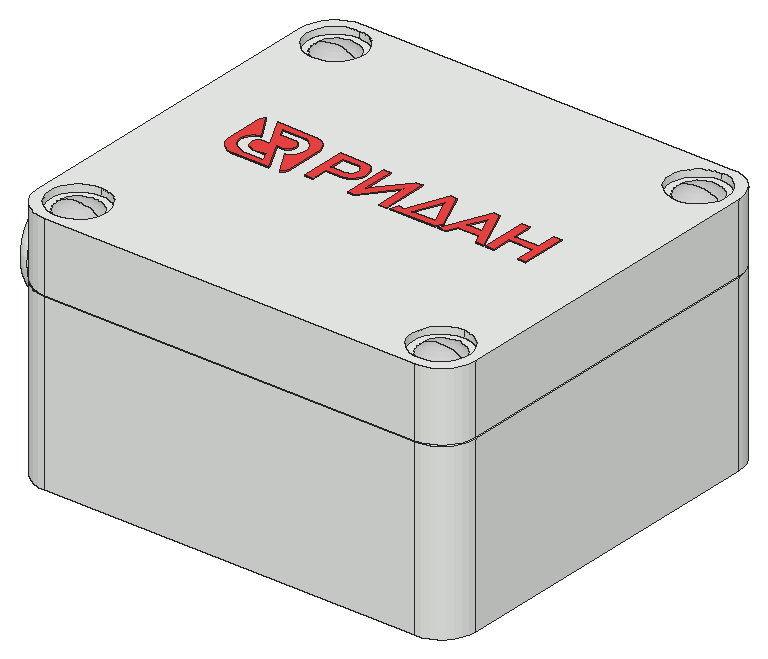
Revit family "РИДАН_Датчик температуры уличный MBT3380R", category Арматура трубопроводов, Revit 2019
Family settings
  Размер круглого соединителя = Использовать диаметр
  Тип детали = Нормальный
  На основе рабочей плоскости = Нет
  Всегда вертикально = Нет
  При загрузке вырезать с полостями = Нет
  Общий = Нет
Parameters (values of type "MBT3380R")
  Контакты_Производитель = "info@ridan.ru"  # constant formula
  ADSK_Наименование = "Датчик температуры наружного воздуха (уличный)"
  ADSK_Масса_Текст = ""
  ADSK_Масса = 0
  ADSK_Марка = "MBT3380R"
  ADSK_Количество = 1  # constant formula
  ADSK_Код изделия = "097U1115R"
  ADSK_Завод-изготовитель = "ООО «Ридан-Трейд»"  # constant formula
  ADSK_Единица измерения = "шт."
  ADSK_Версия семейства = "1.0"  # constant formula
  ADSK_Версия Revit = "2019"  # constant formula
Reference planes
  plane 1 "По центру (Вперед/Назад)": y = 0
  plane 2: z = 0
  plane 3 "По центру (Влево/Вправо)": x = 0
  plane 4: x = -31.906
  plane 5: z = 13
Forms (mm)
  Extrusion 1, solid, material "Белый", detail levels fine
    sketch origin (0, 0, 0) x (1, 0, 0) y (0, 1, 0)
      loop
        line (-31.906, 23.9) -> (-31.906, -24.1)
        arc (-31.906, -24.1) -> (-30.441, -27.635) -> (-26.906, -29.1) r 5
        line (-26.906, -29.1) -> (27.094, -29.1)
        arc (27.094, -29.1) -> (30.63, -27.635) -> (32.094, -24.1) r 5
        line (32.094, -24.1) -> (32.094, 23.9)
        arc (32.094, 23.9) -> (30.63, 27.436) -> (27.094, 28.9) r 5
        line (27.094, 28.9) -> (-26.906, 28.9)
        arc (-26.906, 28.9) -> (-30.441, 27.436) -> (-31.906, 23.9) r 5
    from 25.5 to 35.5
  Extrusion 2, solid, material "Белый", detail levels fine
    sketch origin (0, 0, -25.5) x (1, 0, 0) y (0, 1, 0)
      loop
        line (-31.906, 23.9) -> (-31.906, -24.1)
        arc (-31.906, -24.1) -> (-30.441, -27.635) -> (-26.906, -29.1) r 5
        line (-26.906, -29.1) -> (27.094, -29.1)
        arc (27.094, -29.1) -> (30.63, -27.635) -> (32.094, -24.1) r 5
        line (32.094, -24.1) -> (32.094, 23.9)
        arc (32.094, 23.9) -> (30.63, 27.436) -> (27.094, 28.9) r 5
        line (27.094, 28.9) -> (-26.906, 28.9)
        arc (-26.906, 28.9) -> (-30.441, 27.436) -> (-31.906, 23.9) r 5
    from 25.5 to 50.8
  Extrusion 3, solid, detail levels fine
    sketch origin (0, 0, 0) x (1, 0, 0) y (0, 1, 0)
      loop
        arc (-26.906, 27.9) -> (-29.734, 26.729) -> (-30.906, 23.9) r 4
        line (-30.906, 23.9) -> (-30.906, -24.1)
        arc (-30.906, -24.1) -> (-29.734, -26.928) -> (-26.906, -28.1) r 4
        line (-26.906, -28.1) -> (27.094, -28.1)
        arc (27.094, -28.1) -> (29.923, -26.928) -> (31.094, -24.1) r 4
        line (31.094, -24.1) -> (31.094, 23.9)
        arc (31.094, 23.9) -> (29.923, 26.729) -> (27.094, 27.9) r 4
        line (27.094, 27.9) -> (-26.906, 27.9)
    from 24.5 to 25.5
  Extrusion 4, void
    sketch origin (0, 0, 0) x (1, 0, 0) y (0, 1, 0)
      loop
        circle (-26.406, 23.4) r 4.15
      loop
        circle (26.594, 23.4) r 4.15
      loop
        circle (-26.406, -23.6) r 4.15
      loop
        circle (26.594, -23.6) r 4.15
    from 34.5 to 35.5
  Revolve 5, solid, material "Сталь нержавеющая", detail levels fine
    sketch origin (0.594, 23.4, 0) x (1, 0, 0) y (0, 0, 1)
      loop
        line (-27, 34.5) -> (-27, 35.504)
        arc (-27, 35.504) -> (-28.651, 35.271) -> (-30.129, 34.5) r 4.909
        line (-30.129, 34.5) -> (-27, 34.5)
      axis (-27, 34.5) -> (-27, 35.504)
    angle from 0 to 360
  Revolve 6, solid, material "Сталь нержавеющая", detail levels fine
    sketch origin (53.594, 23.4, 0) x (1, 0, 0) y (0, 0, 1)
      loop
        line (-27, 34.5) -> (-27, 35.504)
        arc (-27, 35.504) -> (-28.651, 35.271) -> (-30.129, 34.5) r 4.909
        line (-30.129, 34.5) -> (-27, 34.5)
      axis (-27, 34.5) -> (-27, 35.504)
    angle from 0 to 360
  Revolve 7, solid, material "Сталь нержавеющая", detail levels fine
    sketch origin (53.594, -23.6, 0) x (1, 0, 0) y (0, 0, 1)
      loop
        line (-27, 34.5) -> (-27, 35.504)
        arc (-27, 35.504) -> (-28.651, 35.271) -> (-30.129, 34.5) r 4.909
        line (-30.129, 34.5) -> (-27, 34.5)
      axis (-27, 34.5) -> (-27, 35.504)
    angle from 0 to 360
  Revolve 8, solid, material "Сталь нержавеющая", detail levels fine
    sketch origin (0.594, -23.6, 0) x (1, 0, 0) y (0, 0, 1)
      loop
        line (-27, 34.5) -> (-27, 35.504)
        arc (-27, 35.504) -> (-28.651, 35.271) -> (-30.129, 34.5) r 4.909
        line (-30.129, 34.5) -> (-27, 34.5)
      axis (-27, 34.5) -> (-27, 35.504)
    angle from 0 to 360
  Extrusion 9, solid, material "Белый", detail levels fine
    sketch origin (0, 0, 0) x (0, 1, 0) y (0, 0, 1)
      loop
        line (6.75, 18.052) -> (1, 21.372)
        arc (1, 21.372) -> (0, 21.64) -> (-1, 21.372) r 2
        line (-1, 21.372) -> (-6.75, 18.052)
        arc (-6.75, 18.052) -> (-7.482, 17.32) -> (-7.75, 16.32) r 2
        line (-7.75, 16.32) -> (-7.75, 9.68)
        arc (-7.75, 9.68) -> (-7.482, 8.68) -> (-6.75, 7.948) r 2
        line (-6.75, 7.948) -> (-1, 4.628)
        arc (-1, 4.628) -> (0, 4.36) -> (1, 4.628) r 2
        line (1, 4.628) -> (6.75, 7.948)
        arc (6.75, 7.948) -> (7.482, 8.68) -> (7.75, 9.68) r 2
        line (7.75, 9.68) -> (7.75, 16.32)
        arc (7.75, 16.32) -> (7.482, 17.32) -> (6.75, 18.052) r 2
    from -36 to -31.906
  Extrusion 10, solid, material "Белый", detail levels fine
    sketch origin (0, 0, 0) x (0, 1, 0) y (0, 0, 1)
      loop
        arc (4.965, 19.6) -> (4.233, 20.332) -> (3.233, 20.6) r 2
        line (3.233, 20.6) -> (-3.233, 20.6)
        arc (-3.233, 20.6) -> (-4.233, 20.332) -> (-4.965, 19.6) r 2
        line (-4.965, 19.6) -> (-8.198, 14)
        arc (-8.198, 14) -> (-8.466, 13) -> (-8.198, 12) r 2
        line (-8.198, 12) -> (-4.965, 6.4)
        arc (-4.965, 6.4) -> (-4.233, 5.668) -> (-3.233, 5.4) r 2
        line (-3.233, 5.4) -> (3.233, 5.4)
        arc (3.233, 5.4) -> (4.233, 5.668) -> (4.965, 6.4) r 2
        line (4.965, 6.4) -> (8.198, 12)
        arc (8.198, 12) -> (8.398, 12.482) -> (8.466, 13) r 2
        arc (8.466, 13) -> (8.398, 13.518) -> (8.198, 14) r 2
        line (8.198, 14) -> (4.965, 19.6)
    from -45 to -36
  Revolve 11, solid, material "Белый", detail levels fine
    sketch origin (0, 0, 0) x (1, 0, 0) y (0, 0, 1)
      loop
        line (-49, 18.3) -> (-49, 15.526) -> (-45, 15.526) -> (-45, 20.6)
        arc (-45, 20.6) -> (-45.356, 20.379) -> (-45.768, 20.3) r 1.15
        line (-45.768, 20.3) -> (-47, 20.3)
        arc (-47, 20.3) -> (-48.414, 19.714) -> (-49, 18.3) r 2
      axis (-49, 13) -> (-45, 13)
    angle from 0 to 360
  Extrusion 12, solid, material "Красный", detail levels fine
    sketch origin (-31.653, -62.919, 12.867) x (1, 0, 0) y (0, 1, 0)
      loop
        line (11.467, 67.919) -> (13.847, 63.509) -> (12.993, 63.509)
        arc (12.993, 63.509) -> (12.29, 63.217) -> (11.998, 62.514) r 0.994
        arc (11.998, 62.514) -> (12.368, 61.623) -> (13.259, 61.254) r 1.261
        line (13.259, 61.254) -> (15.108, 61.254) -> (15.716, 60.109) -> (13.141, 60.109)
        arc (13.141, 60.109) -> (12.136, 60.288) -> (11.254, 60.8) r 2.923
        arc (11.254, 60.8) -> (10.612, 61.661) -> (10.55, 62.733) r 1.865
        arc (10.55, 62.733) -> (11.1, 63.712) -> (12.083, 64.256) r 2.055
        line (12.083, 64.256) -> (9.807, 67.919)
        arc (9.807, 67.919) -> (9.511, 67.44) -> (9.407, 66.887) r 1.532
        line (9.407, 66.887) -> (9.407, 61.686)
        arc (9.407, 61.686) -> (10.161, 59.865) -> (11.982, 59.111) r 2.574
        line (11.982, 59.111) -> (17.282, 59.111) -> (14.909, 63.509) -> (15.825, 63.509)
        arc (15.825, 63.509) -> (16.318, 63.745) -> (16.673, 64.162) r 1.316
        arc (16.673, 64.162) -> (16.786, 64.631) -> (16.673, 65.1) r 1.03
        arc (16.673, 65.1) -> (16.337, 65.556) -> (15.815, 65.777) r 1.072
        line (15.815, 65.777) -> (13.655, 65.777) -> (13.068, 66.881) -> (16.003, 66.881)
        arc (16.003, 66.881) -> (17.08, 66.558) -> (17.888, 65.777) r 2.377
        arc (17.888, 65.777) -> (18.205, 64.888) -> (18.112, 63.948) r 2.156
        arc (18.112, 63.948) -> (17.593, 63.143) -> (16.748, 62.691) r 1.911
        line (16.748, 62.691) -> (18.833, 59.22)
        arc (18.833, 59.22) -> (19.247, 59.579) -> (19.401, 60.105) r 0.972
        line (19.401, 60.105) -> (19.401, 65.299)
        arc (19.401, 65.299) -> (18.634, 67.152) -> (16.781, 67.919) r 2.62
        line (16.781, 67.919) -> (11.467, 67.919)
      loop
        line (21.612, 66.83) -> (21.612, 60.201) -> (22.766, 60.201) -> (22.766, 62.558) -> (25.097, 62.558)
        arc (25.097, 62.558) -> (26.115, 62.864) -> (26.837, 63.645) r 2.023
        arc (26.837, 63.645) -> (27.072, 64.943) -> (26.529, 66.147) r 2.223
        arc (26.529, 66.147) -> (25.877, 66.636) -> (25.085, 66.83) r 2.034
        line (25.085, 66.83) -> (21.612, 66.83)
      loop
        line (22.766, 65.785) -> (22.766, 63.5) -> (24.802, 63.5)
        arc (24.802, 63.5) -> (25.545, 63.87) -> (25.88, 64.629) r 1.223
        arc (25.88, 64.629) -> (25.592, 65.442) -> (24.802, 65.785) r 1.081
        line (24.802, 65.785) -> (22.766, 65.785)
      loop
        line (27.84, 66.83) -> (27.84, 60.201) -> (28.789, 60.201) -> (32.462, 64.824) -> (32.462, 60.201) -> (33.566, 60.201) -> (33.566, 66.83) -> (32.592, 66.83) -> (28.945, 62.194) -> (28.945, 66.83) -> (27.84, 66.83)
      loop
        line (34.003, 60.201) -> (40.59, 60.201) -> (41.038, 61.255) -> (38.59, 66.83) -> (37.7, 66.83) -> (35.261, 61.255) -> (34.451, 61.255) -> (34.003, 60.201)
      loop
        line (36.428, 61.255) -> (39.861, 61.255) -> (38.137, 65.186) -> (36.428, 61.255)
      loop
        line (43.962, 66.83) -> (41.047, 60.201) -> (42.231, 60.201) -> (42.869, 61.658) -> (45.904, 61.658) -> (46.541, 60.201) -> (47.75, 60.201) -> (44.852, 66.83) -> (43.962, 66.83)
      loop
        line (48.081, 66.83) -> (48.081, 60.201) -> (49.237, 60.201) -> (49.237, 63.013) -> (52.752, 63.013) -> (52.752, 60.201) -> (53.857, 60.201) -> (53.857, 66.83) -> (52.752, 66.83) -> (52.752, 64.067) -> (49.237, 64.067) -> (49.237, 66.83) -> (48.081, 66.83)
      loop
        line (43.329, 62.711) -> (45.444, 62.711) -> (44.371, 65.166) -> (43.329, 62.711)
    from 21.7 to 22.7
Cuts and joins
  Extrusion 4 cuts Extrusion 1
  Extrusion 4 cuts Extrusion 2
  Extrusion 4 cuts Extrusion 3
  joined: Extrusion 10, Revolve 11
Lines and regions (mm)
  reference lines
    curve 1: line (-26.406, -19.45, 0) -> (-26.406, -27.75, 0)
  model lines, detail levels coarse+medium
    curve 2: line (0, 0, 0) -> (0, 0, 31)
    curve 3: circle (0, 0, 61) r 30 normal (0, -1, 0)
    curve 4: line (0, 0, 41) -> (0, 0, 76)
    curve 5: line (-16.22, 0, 76) -> (13.78, 0, 76)
Dimensions and locks
  aligned and locked: level to plane 2
Nested families
  nested 1: "УГО_ЭУ_термометр" at (0, 0, 0), type "УГО_ЭУ_термометр"
    with УГО_Длина 100 mm, УГО_Высота 76.308 mm
Connectors
  electrical at (-31.906, 0, 13)
    settings: on plane 4, index 1, voltage 0 V, apparent load 0 VA, apparent load phase1 0 VA, apparent load phase2 0 VA, apparent load phase3 0 VA, power factor 1, load classification "Прочее", number of poles 1, system type 5, power factor state 1, is connector primary yes, connector utility no, sub classification motor no, connector description ""
Definition of nested family "УГО_ЭУ_термометр"
  Parameters (values of type "УГО_ЭУ_термометр")
    УГО_Длина [instance] = 100 mm
    УГО_Высота [instance] = УГО_Длина * 0.76308  # 76.308 mm
  Reference planes
    plane 1 "По центру (Вперед/Назад)": y = 0
    plane 2: z = 0
    plane 3 "По центру (Влево/Вправо)": x = 0
  Lines and regions (mm)
    detail lines, in view "Опорный уровень", detail levels coarse+medium
      curve 1: line (0, 0, 0) -> (0, 31, 0)
      curve 2: circle (0, 61, 0) r 30 normal (0, 0, 1)
      curve 3: line (0, 75.635, 59.779) -> (0, 40.139, 59.779)
      curve 4: line (-15, 75.635, 59.779) -> (15, 75.635, 59.779)
